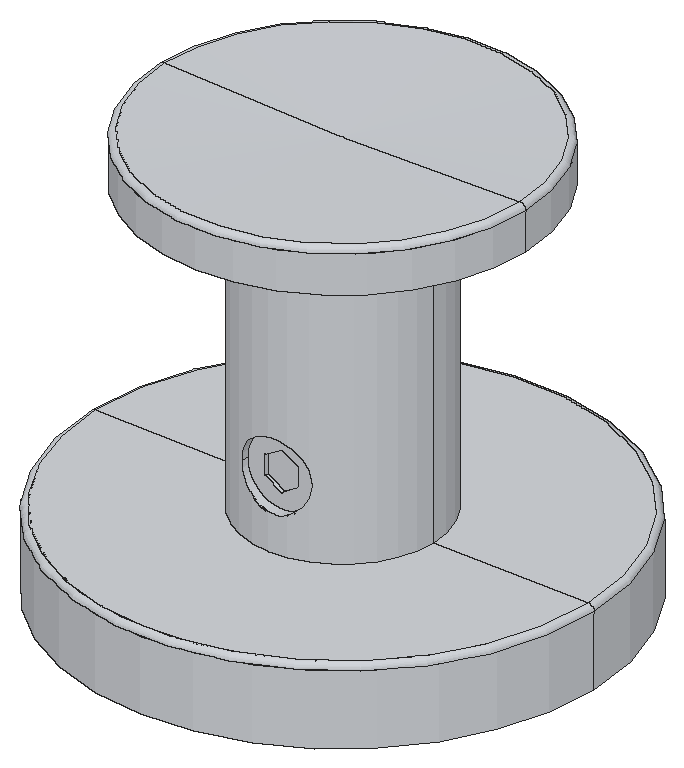
Revit family "Accessory-Robe_Hook-KOHLER-Stillness-K-14458", category Generic Models, host Face, Revit 2015
Parameters (values of type "CP-Polished Chrome")
  Width = 1 221/256"  # constant formula
  URL = "https://www.us.kohler.com/us/"
  Type = 1
  Product Page URL = "http://www.us.kohler.com/us/catalog/productDetails.jsp?productNumber=14458"
  Product Name = "Stillness"  # constant formula
  Product Documentation Link = "http://www.us.kohler.com/onlinecatalog/pdf/K-14458_spec.pdf"
  Model = if(Type = 1, "K-14458-CP", if(Type = 2, "K-14458-BN", "0"))  # "K-14458-CP"
  Material = "Brass Construction"  # constant formula
  MasterFormat 2004 = "10.28.13"  # constant formula
  MasterFormat 1995 = "10820"  # constant formula
  Manufacturer Address = "444 Highland Dr, Kohler, WI 53044"  # constant formula
  Manufacturer = "KOHLER Co."  # constant formula
  Length = 1 221/256"  # constant formula
  Height = 1 133/256"  # constant formula
  Finish = Kohler-Metal-CP-Polished_Chrome
  Environmental Product Declaration = ""
  Description = "Robe hook"  # constant formula
  Default Elevation = 42"
  Declare Label = ""
  Date Modified = "11/22/2017"  # constant formula
  Date Created = "11/22/2017"  # constant formula
  Copyright = "Copyright KOHLER Co."  # constant formula
  Contact Us = "https://www.us.kohler.com/us/static/contact.jsp"
  Assembly Code = "C1030200"
  ADA = no
Types (3): name | Type | Model | Finish
  (no name) | 1 | "K-14458-CP" | Kohler-Metal-CP-Polished_Chrome
  CP-Polished Chrome | 1 | "K-14458-CP" | Kohler-Metal-CP-Polished_Chrome
  BN-Vibrant Brushed Nickel | 2 | "K-14458-BN" | Kohler-Metal-BN-Vibrant_Brushed_Nickel
Reference planes (in)
  plane 1 "Center (Front/Back)": y = 0
  plane 2: z = 0
  plane 3 "Center (Left/Right)": x = 0
  plane 4: x = -0.93181
  plane 5: x = 0.93147
  plane 6: z = 1.51953
  plane 7: y = 0.93181
  plane 8: y = -0.93147
Dimensions and locks (in)
  "Width": plane 4 to plane 5
  "Height": plane 6 to level
  "Length": plane 7 to plane 8
  aligned and locked: plane 2 to host face
  aligned and locked: level to host face
Automatic sketch dimensions
  host sketch curve to host sketch curve = 96"  (x2)
Nested families (in)
  nested 1: "K-14458" at (0, 0, 0) x (0, -1, 0) z (0, 0, 1), type "K-14458"
Definition of nested family "K-14458"
  Parameters (values of type "K-14458")
    Finish = none
  Reference planes (in)
    plane 1 "Center (Front/Back)": y = 0
    plane 2: z = 0
    plane 3 "Center (Left/Right)": x = 0
  Forms (in)
    Revolve 1, solid, material <- "Finish"
      sketch origin (0, 0, 0) x (0, 1, 0) y (0, 0, 1)
        loop
          line (-0.67849, 1.49802) -> (-0.67849, 1.3622) -> (-0.33909, 1.3622) -> (-0.33909, 0.27953) -> (-0.91051, 0.27953)
          arc (-0.91051, 0.27953) -> (-0.92557, 0.27329) -> (-0.93181, 0.25822) r 0.0213
          line (-0.93181, 0.25822) -> (-0.93181, 0) -> (0, 0) -> (0, 1.50408)
          arc (0, 1.50408) -> (-0.32806, 1.50799) -> (-0.65595, 1.51953) r 14.11762
          arc (-0.65595, 1.51953) -> (-0.67182, 1.5136) -> (-0.67849, 1.49802) r 0.02154
        axis (0, 1.51953) -> (0, 0)
      angle from 0 to 360
    Extrusion 2, void
      sketch origin (0, 0, 0) x (0, 1, 0) y (0, 0, 1)
        loop
          circle (0.01337, 0.53439) r 0.12575
      from 0.2983 to 0.49165
    Extrusion 3, void
      sketch origin (0, 0, 0) x (0, 1, 0) y (0, 0, 1)
        loop
          line (-0.04704, 0.49784) -> (0.01444, 0.46235) -> (0.07591, 0.49784) -> (0.07591, 0.56882) -> (0.01444, 0.60431) -> (-0.04704, 0.56882) -> (-0.04704, 0.49784)
      from 0.28537 to 0.68586
  Cuts and joins
    Extrusion 2, Extrusion 3 cuts Revolve 1
  Lines and regions (in)
    Masking region 1
      outline origin (0, 0, 0) x (1, 0, 0) y (0, 1, 0)
        loop
          circle (0, 0) r 0.93072
    Masking region 2
      outline origin (0, 0, 0) x (0, 1, 0) y (0, 0, 1)
        loop
          arc (-0.65601, 1.51893) -> (-0.67191, 1.51235) -> (-0.67849, 1.49645) r 0.02248
          line (-0.67849, 1.49645) -> (-0.67849, 1.3622) -> (-0.33909, 1.3622) -> (-0.33909, 0.27953) -> (-0.9106, 0.27953)
          arc (-0.9106, 0.27953) -> (-0.9256, 0.27332) -> (-0.93181, 0.25832) r 0.0212
          line (-0.93181, 0.25832) -> (-0.93181, 0) -> (0, 0) -> (0.93181, 0) -> (0.93181, 0.25832)
          arc (0.93181, 0.25832) -> (0.9256, 0.27332) -> (0.9106, 0.27953) r 0.0212
          line (0.9106, 0.27953) -> (0.33909, 0.27953) -> (0.33909, 1.3622) -> (0.67849, 1.3622) -> (0.67849, 1.49771)
          arc (0.67849, 1.49771) -> (0.67228, 1.51272) -> (0.65727, 1.51893) r 0.02122
          line (0.65727, 1.51893) -> (-0.65601, 1.51893)
    Masking region 3
      outline origin (0, 0, 0) x (1, 0, 0) y (0, 0, 1)
        loop
          line (-0.67849, 1.51969) -> (-0.67849, 1.3622) -> (-0.33878, 1.3622) -> (-0.33878, 0.2805) -> (-0.90965, 0.2805)
          arc (-0.90965, 0.2805) -> (-0.92532, 0.27401) -> (-0.93181, 0.25834) r 0.02216
          line (-0.93181, 0.25834) -> (-0.93181, 0) -> (0, 0) -> (0.93181, 0) -> (0.93181, 0.25834)
          arc (0.93181, 0.25834) -> (0.92532, 0.27401) -> (0.90965, 0.2805) r 0.02216
          line (0.90965, 0.2805) -> (0.33878, 0.2805) -> (0.33878, 0.41735)
          arc (0.33878, 0.41735) -> (0.31993, 0.53515) -> (0.33878, 0.65294) r 0.37757
          line (0.33878, 0.65294) -> (0.33878, 1.3622) -> (0.67849, 1.3622) -> (0.67849, 1.51969) -> (0, 1.51969) -> (-0.67849, 1.51969)
    symbolic lines, detail levels medium+fine
      curve 1: circle (0, 0, 0) r 0.67849 normal (0, 0, 1)
      curve 2: arc (0, 0.13913, 0.53439) -> (0, 0.01337, 0.66014) -> (0, -0.11238, 0.53439) r 0.12575
      curve 3: arc (0, -0.11238, 0.53439) -> (0, 0.01337, 0.40864) -> (0, 0.13913, 0.53439) r 0.12575
      curve 4: line (0, -0.04704, 0.56882) -> (0, -0.04704, 0.49784)
      curve 5: line (0, -0.04704, 0.49784) -> (0, 0.01444, 0.46235)
      curve 6: line (0, 0.01444, 0.46235) -> (0, 0.07591, 0.49784)
      curve 7: line (0, 0.07591, 0.49784) -> (0, 0.07591, 0.56882)
      curve 8: line (0, 0.07591, 0.56882) -> (0, 0.01444, 0.60431)
      curve 9: line (0, 0.01444, 0.60431) -> (0, -0.04704, 0.56882)
      curve 10: line (0, -0.33909, 1.3622) -> (0, 0.33909, 1.3622)
      curve 11: line (0, -0.33909, 0.27953) -> (0, 0.33909, 0.27953)
      curve 12: line (-0.33878, 0, 1.3622) -> (0.33878, 0, 1.3622)
      curve 13: line (-0.33878, 0, 0.2805) -> (0.33878, 0, 0.2805)
  Dimensions and locks (in)
    aligned and locked: plane 2 to level
